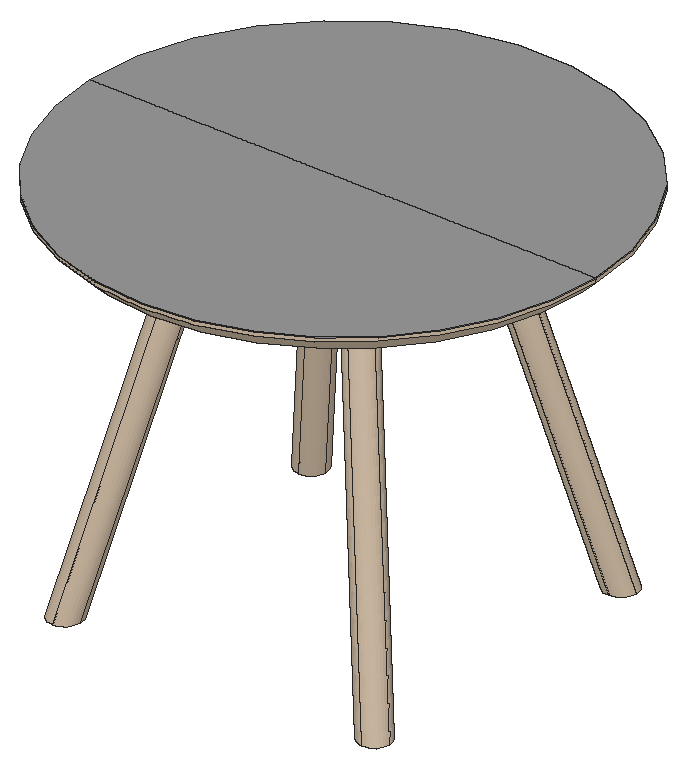
Revit family "FU_Table_Sandler_Viki 9-2", category Furniture, Revit 2020
Family settings
  OmniClass Number = 23.40.20.00
  OmniClass Title = General Furniture and Specialties
  Work Plane-Based = No
  Always vertical = Yes
  Cut with Voids When Loaded = No
  Shared = No
  Room Calculation Point = No
Parameters (values of type "Viki 9.2")
  Width = 600 mm
  URL = "https://www.sandlerseating.com/product/viki-9-2/"
  Model = "Viki 9.2"
  Manufacturer = "Sandler"
  Height = 450 mm
  Frame [instance] = Wood - Stain - Natural Oak
  Description = "Coffee table on solid beech frame with White laminated top as a standard"
  Depth = 600 mm
  Default Elevation = 0 mm
Reference planes
  plane 1 "Center (Front/Back)": y = 0
  plane 2: z = 0
  plane 3 "Center (Left/Right)": x = 0
  plane 4 "Right": x = -300
  plane 5 "Left": x = 300
  plane 6 "Back": y = 300
  plane 7 "Front": y = -300
  plane 8 "Height": z = 450
  plane 9 "table base height": z = 430
  plane 10 "TS FRONT": z = 393.495
  plane 11 "RL FRONT": through (-181.791, -1524, 8.703) normal (-0.9776, 0, 0.2102)
  plane 12 "LL FRONT": through (181.791, -1524, 8.703) normal (-0.9776, 0, -0.2102)
Forms (mm)
  Revolve 1, solid, material "Wood - Stain - Natural Oak" <- "Frame"
    sketch origin (0, 0, 0) x (1, 0, 0) y (0, 0, 1)
      loop
        line (0, 449.033) -> (-300, 449.033) -> (-300, 444.995) -> (-285.005, 430) -> (0, 430) -> (0, 449.033)
      axis (0, 449.033) -> (0, 430)
    angle from 0 to 360
  Revolve 2, solid, material "Laminate, White, Matte"
    sketch origin (0, 0, 0) x (1, 0, 0) y (0, 0, 1)
      loop
        line (0, 450) -> (-300, 450) -> (-300, 449.033) -> (0, 449.033) -> (0, 450)
      axis (0, 450) -> (0, 449)
    angle from 0 to 360
  Extrusion 3, void
    sketch origin (0, 0, 0) x (1, 0, 0) y (0, 0, 1)
      loop
        line (-120, 460) -> (-120, 427) -> (120, 427) -> (120, 460) -> (-120, 460)
    from -120 to 120
  Extrusion 4, void
    sketch origin (0, 0, 0) x (1, 0, 0) y (0, 0, 1)
      loop
        line (-225, 0) -> (-225, -20) -> (225, -20) -> (225, 0) -> (-225, 0)
    from -225 to 225
  Extrusion 5, solid, material "Metal - Black - Matte"
    sketch origin (0, 0, 430) x (-1, 0, 0) y (0, -1, 0)
      loop
        line (154.563, -177.888) -> (177.888, -154.563) -> (23.325, 0) -> (177.888, 154.563) -> (154.563, 177.888) -> (0, 23.325) -> (-155.563, 178.889) -> (-178.889, 155.563) -> (-23.325, 0) -> (-178.889, -155.563) -> (-155.563, -178.889) -> (0, -23.325) -> (154.563, -177.888)
    from 0 to -3
  Extrusion 6, solid, material "Wood - Stain - Natural Oak" <- "Frame"
    sketch origin (0, 0, 393.495) x (-1, 0, 0) y (0, -1, 0)
      loop
        line (0, -16.576) -> (81.146, -97.722) -> (97.722, -81.146) -> (16.576, 0) -> (97.722, 81.146) -> (81.146, 97.722) -> (0, 16.576) -> (-81.146, 97.722) -> (-97.722, 81.146) -> (-16.576, 0) -> (-97.722, -81.146) -> (-81.146, -97.722) -> (0, -16.576)
    from 0 to 36.505
  Sweep 7, solid, material "Wood - Stain - Natural Oak" <- "Frame"
    path origin (175.544, 0, 37.751) x (0.210246, 0, -0.977648) y (0, -1, 0)
      loop
        line (50.1, 184.934) -> (-415.02, 88.561)
    profile "Pro_Circles : 36mm" origin (137.182, -136.747, 216.133) x (-0.042657, -0.979202, 0.198355) y (0.977648, 0, 0.210246)
      loop
        arc (-17.967, 0.067) -> (-12.771, -12.677) -> (-0.066, -17.967) r 17.901
        arc (-0.066, -17.967) -> (12.725, -12.725) -> (17.967, 0.067) r 17.901
        arc (17.967, 0.067) -> (12.677, 12.771) -> (-0.067, 17.967) r 17.9
        arc (-0.067, 17.967) -> (-12.724, 12.724) -> (-17.967, 0.067) r 17.9
  Sweep 8, solid, material "Wood - Stain - Natural Oak" <- "Frame"
    path origin (-175.544, 0, 37.751) x (-0.210246, 0, -0.977648) y (0, -1, 0)
      loop
        line (50.1, 184.934) -> (-415.02, 88.561)
    profile "Pro_Circles : 36mm" origin (-137.182, -136.747, 216.133) x (-0.042657, 0.979202, -0.198355) y (-0.977648, 0, 0.210246)
      loop
        arc (17.967, 0.067) -> (12.724, 12.724) -> (0.067, 17.967) r 17.9
        arc (0.067, 17.967) -> (-12.677, 12.771) -> (-17.967, 0.067) r 17.9
        arc (-17.967, 0.067) -> (-12.725, -12.725) -> (0.066, -17.967) r 17.901
        arc (0.066, -17.967) -> (12.771, -12.677) -> (17.967, 0.067) r 17.901
  Sweep 9, solid, material "Wood - Stain - Natural Oak" <- "Frame"
    path origin (175.544, 0, 37.751) x (0.210246, 0, -0.977648) y (0, 1, 0)
      loop
        line (50.1, 184.934) -> (-415.02, 88.561)
    profile "Pro_Circles : 36mm" origin (137.182, 136.747, 216.133) x (0.042657, -0.979202, -0.198355) y (0.977648, 0, 0.210246)
      loop
        arc (17.967, 0.067) -> (12.724, 12.724) -> (0.067, 17.967) r 17.9
        arc (0.067, 17.967) -> (-12.677, 12.771) -> (-17.967, 0.067) r 17.9
        arc (-17.967, 0.067) -> (-12.725, -12.725) -> (0.066, -17.967) r 17.901
        arc (0.066, -17.967) -> (12.771, -12.677) -> (17.967, 0.067) r 17.901
  Sweep 10, solid, material "Wood - Stain - Natural Oak" <- "Frame"
    path origin (-175.544, 0, 37.751) x (-0.210246, 0, -0.977648) y (0, -1, 0)
      loop
        line (50.1, -184.934) -> (-415.02, -88.561)
    profile "Pro_Circles : 36mm" origin (-137.182, 136.747, 216.133) x (0.042657, 0.979202, 0.198355) y (-0.977648, 0, 0.210246)
      loop
        arc (-17.967, 0.067) -> (-12.771, -12.677) -> (-0.066, -17.967) r 17.901
        arc (-0.066, -17.967) -> (12.725, -12.725) -> (17.967, 0.067) r 17.901
        arc (17.967, 0.067) -> (12.677, 12.771) -> (-0.067, 17.967) r 17.9
        arc (-0.067, 17.967) -> (-12.724, 12.724) -> (-17.967, 0.067) r 17.9
Cuts and joins
  Extrusion 3, Extrusion 4 cuts Sweep 8
  Extrusion 3, Extrusion 4 cuts Sweep 10
  Extrusion 3, Extrusion 4 cuts Sweep 9
  Extrusion 3, Extrusion 4 cuts Sweep 7
Dimensions and locks
  equal spacing: plane 4 "Right", plane 3 "Center (Left/Right)", plane 5 "Left"
  "Width": plane 4 "Right" to plane 5 "Left"
  equal spacing: plane 6 "Back", plane 1 "Center (Front/Back)", plane 7 "Front"
  "Depth": plane 6 "Back" to plane 7 "Front"
  "Height": plane 8 "Height" to level
  locked: plane 8 "Height" to plane 9 "table base height" at 20
  locked: plane 9 "table base height" to plane 10 "TS FRONT" at 36.505
  aligned and locked: level to plane 2
  aligned and locked: Revolve 1 sketch curve to plane 9 "table base height"
  aligned and locked: plane 8 "Height" to Revolve 2 sketch curve
  aligned and locked: plane 9 "table base height" to Extrusion 6
  aligned and locked: Extrusion 5 to Extrusion 3
Automatic sketch dimensions
  plane 4 "Right" to Revolve 1 sketch curve = 0 mm
  Revolve 1 sketch curve to plane 3 "Center (Left/Right)" = 0 mm  (x2)
  Revolve 1 sketch curve to plane 4 "Right" = 14.995 mm
  Revolve 1 sketch curve to plane 8 "Height" = 5.005 mm
  Revolve 1 sketch curve to plane 8 "Height" = 0.967 mm
  Revolve 1 sketch curve to plane 10 "TS FRONT" = 12.949 mm
  plane 8 "Height" to Revolve 1 sketch curve = 29.033 mm
  plane 4 "Right" to Revolve 2 sketch curve = 0 mm
  Revolve 2 sketch curve to plane 3 "Center (Left/Right)" = 0 mm  (x2)
  Revolve 2 sketch curve to plane 8 "Height" = 0.967 mm
  Revolve 2 sketch curve to Revolve 2 sketch curve = 6.749 mm
  Revolve 2 sketch curve to Revolve 2 sketch curve = 12.284 mm
  Extrusion 3 sketch curve to plane 3 "Center (Left/Right)" = 120 mm
  plane 3 "Center (Left/Right)" to Extrusion 3 sketch curve = 120 mm
  plane 8 "Height" to Extrusion 3 sketch curve = 10 mm
  Extrusion 4 sketch curve to level = 0 mm
  Extrusion 4 sketch curve to level = 20 mm
  Extrusion 4 sketch curve to plane 4 "Right" = 75 mm
  plane 5 "Left" to Extrusion 4 sketch curve = 75 mm
  plane 1 "Center (Front/Back)" to Extrusion 5 sketch curve = 0 mm  (x2)
  Extrusion 5 sketch curve to plane 3 "Center (Left/Right)" = 0 mm  (x2)
  plane 3 "Center (Left/Right)" to Extrusion 5 sketch curve = 23.325 mm
  plane 5 "Left" to Extrusion 5 sketch curve = 144.437 mm  (x2)
  Extrusion 5 sketch curve to Extrusion 5 sketch curve = 23.325 mm  (x3)
  Extrusion 5 sketch curve to plane 3 "Center (Left/Right)" = 23.325 mm
  Extrusion 5 sketch curve to plane 4 "Right" = 145.437 mm  (x2)
  plane 1 "Center (Front/Back)" to Extrusion 6 sketch curve = 0 mm  (x2)
  Extrusion 6 sketch curve to plane 3 "Center (Left/Right)" = 0 mm  (x2)
  plane 3 "Center (Left/Right)" to Extrusion 6 sketch curve = 16.576 mm
  plane 3 "Center (Left/Right)" to Extrusion 6 sketch curve = 81.146 mm  (x2)
  Extrusion 6 sketch curve to plane 1 "Center (Front/Back)" = 81.146 mm
  Extrusion 6 sketch curve to Extrusion 6 sketch curve = 16.576 mm
  plane 1 "Center (Front/Back)" to Extrusion 6 sketch curve = 81.146 mm
  Extrusion 6 sketch curve to plane 3 "Center (Left/Right)" = 16.576 mm
  Extrusion 6 sketch curve to plane 3 "Center (Left/Right)" = 81.146 mm  (x2)
  Sweep 7 sketch curve to plane 1 "Center (Front/Back)" = 88.561 mm
  Sweep 7 sketch curve to plane 7 "Front" = 115.066 mm
  Sweep 7 sketch curve to Sweep 7 sketch curve = 465.121 mm
  plane 1 "Center (Front/Back)" to Sweep 8 sketch curve = 88.561 mm
  plane 7 "Front" to Sweep 8 sketch curve = 115.066 mm
  Sweep 8 sketch curve to Sweep 8 sketch curve = 465.121 mm
  Sweep 9 sketch curve to plane 1 "Center (Front/Back)" = 88.561 mm
  Sweep 9 sketch curve to plane 6 "Back" = 115.066 mm
  Sweep 9 sketch curve to Sweep 9 sketch curve = 465.121 mm
  Sweep 10 sketch curve to plane 1 "Center (Front/Back)" = 88.561 mm
  Sweep 10 sketch curve to plane 6 "Back" = 115.066 mm
  Sweep 10 sketch curve to Sweep 10 sketch curve = 465.121 mm
  Extrusion 3 sketch curve to plane 9 "table base height" = 3 mm
